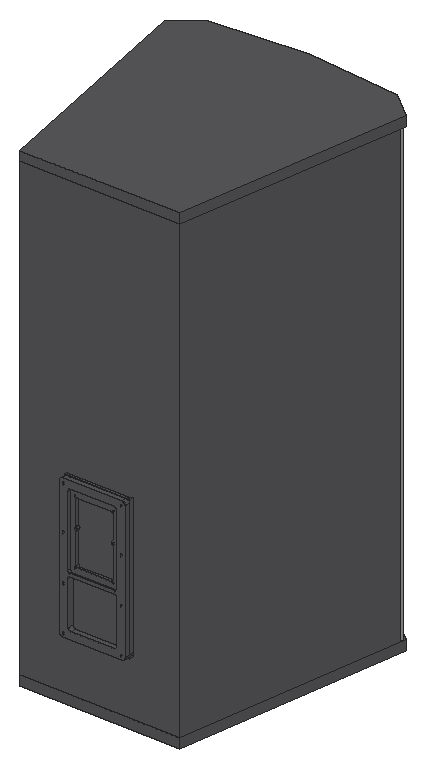
Revit family "EVC-1082-00", category Communication Devices, Revit 2017 (continued)
Definition of nested family "InputPanel_small"
  Lines and regions (mm)
    model lines, not visible
      curve 459: line (57.561, -9.5, 66.598) -> (57.428, -9.5, 66.472)
      curve 460: line (57.428, -9.5, 66.472) -> (57.427, -9.5, 67.687)
      curve 461: line (57.427, -9.5, 67.687) -> (57.561, -9.5, 67.561)
      curve 462: line (52.991, -9.5, 73.096) -> (55.108, -9.5, 73.096)
      curve 463: line (55.108, -9.5, 73.096) -> (55.108, -9.5, 73.673)
      curve 464: line (55.108, -9.5, 73.673) -> (52.991, -9.5, 73.672)
      curve 465: line (52.991, -9.5, 73.672) -> (52.991, -9.5, 73.096)
      curve 466: line (52.99, -9.5, 79.403) -> (52.99, -9.5, 79.98)
      curve 467: line (52.99, -9.5, 79.98) -> (55.107, -9.5, 79.98)
      curve 468: line (55.107, -9.5, 79.98) -> (55.107, -9.5, 79.404)
      curve 469: line (55.107, -9.5, 79.404) -> (52.99, -9.5, 79.403)
      curve 470: line (52.991, -9.5, 66.791) -> (52.991, -9.5, 67.367)
      curve 471: line (52.991, -9.5, 67.367) -> (55.109, -9.5, 67.367)
      curve 472: line (55.109, -9.5, 67.367) -> (55.109, -9.5, 66.791)
      curve 473: line (55.109, -9.5, 66.791) -> (52.991, -9.5, 66.791)
      curve 474: line (55.107, -9.5, 85.998) -> (52.989, -9.5, 85.997)
      curve 475: line (52.989, -9.5, 85.997) -> (52.989, -9.5, 85.709)
      curve 476: line (52.989, -9.5, 85.709) -> (55.107, -9.5, 85.709)
      curve 477: line (55.107, -9.5, 85.709) -> (55.107, -9.5, 85.998)
      curve 478: line (55.107, -9.5, 85.998) -> (55.798, -9.5, 85.998)
      curve 479: line (55.801, -9.5, 60.772) -> (55.11, -9.5, 60.772)
      curve 480: line (55.11, -9.5, 60.772) -> (55.11, -9.5, 61.06)
      curve 481: line (55.11, -9.5, 61.06) -> (52.992, -9.5, 61.06)
      curve 482: line (52.992, -9.5, 61.06) -> (52.992, -9.5, 60.772)
      curve 483: line (52.992, -9.5, 60.772) -> (55.11, -9.5, 60.772)
      curve 484: line (54.504, -9.5, 76.743) -> (56.298, -9.5, 74.554)
      curve 485: line (56.298, -9.5, 74.554) -> (55.807, -9.5, 74.222)
      curve 486: line (54.503, -9.5, 83.049) -> (56.297, -9.5, 80.86)
      curve 487: line (56.297, -9.5, 80.86) -> (55.806, -9.5, 80.528)
      curve 488: line (54.531, -9.5, 76.998) -> (56.131, -9.5, 75.046)
      curve 489: line (56.131, -9.5, 75.046) -> (56.7, -9.5, 75.046)
      curve 490: line (56.7, -9.5, 75.046) -> (54.662, -9.5, 77.533)
      curve 491: line (54.531, -9.5, 83.304) -> (56.13, -9.5, 81.352)
      curve 492: line (56.13, -9.5, 81.352) -> (56.699, -9.5, 81.352)
      curve 493: line (56.699, -9.5, 81.352) -> (54.661, -9.5, 83.839)
      curve 494: line (54.505, -9.5, 70.437) -> (56.298, -9.5, 68.248)
      curve 495: line (56.298, -9.5, 68.248) -> (55.807, -9.5, 67.915)
      curve 496: line (54.506, -9.5, 64.13) -> (56.299, -9.5, 61.942)
      curve 497: line (56.299, -9.5, 61.942) -> (55.808, -9.5, 61.609)
      curve 498: line (54.533, -9.5, 64.385) -> (56.132, -9.5, 62.433)
      curve 499: line (56.132, -9.5, 62.433) -> (56.702, -9.5, 62.433)
      curve 500: line (56.702, -9.5, 62.433) -> (54.664, -9.5, 64.92)
      curve 501: line (54.532, -9.5, 70.691) -> (56.131, -9.5, 68.739)
      curve 502: line (56.131, -9.5, 68.739) -> (56.701, -9.5, 68.739)
      curve 503: line (56.701, -9.5, 68.739) -> (54.663, -9.5, 71.227)
      curve 504: line (51.568, -9.5, 63.815) -> (51.568, -9.5, 60.772)
      curve 505: line (51.568, -9.5, 60.772) -> (46.145, -9.5, 60.771)
      curve 506: line (46.145, -9.5, 60.771) -> (46.141, -9.5, 85.996)
      curve 507: line (46.141, -9.5, 85.996) -> (51.565, -9.5, 85.997)
      curve 508: line (51.565, -9.5, 85.997) -> (52.989, -9.5, 85.997)
      curve 509: line (52.989, -9.5, 85.997) -> (49.876, -9.5, 86.125)
      curve 510: line (49.876, -9.5, 86.125) -> (49.754, -9.5, 86.302)
      curve 511: line (52.992, -9.5, 60.772) -> (51.568, -9.5, 60.772)
      curve 512: line (45.361, -9.5, 79.392) -> (45.362, -9.5, 73.88)
      curve 513: line (45.362, -9.5, 73.88) -> (41.147, -9.5, 73.88)
      curve 514: line (41.147, -9.5, 73.88) -> (41.146, -9.5, 79.392)
      curve 515: line (41.146, -9.5, 79.392) -> (45.361, -9.5, 79.392)
      curve 516: line (41.146, -9.5, 79.988) -> (41.145, -9.5, 85.499)
      curve 517: line (41.145, -9.5, 85.499) -> (45.36, -9.5, 85.5)
      curve 518: line (45.36, -9.5, 85.5) -> (45.361, -9.5, 79.988)
      curve 519: line (45.361, -9.5, 79.988) -> (41.146, -9.5, 79.988)
      curve 520: line (45.819, -9.5, 60.771) -> (45.816, -9.5, 85.996)
      curve 521: line (45.816, -9.5, 85.996) -> (40.689, -9.5, 85.996)
      curve 522: line (40.689, -9.5, 85.996) -> (40.692, -9.5, 60.771)
      curve 523: line (40.692, -9.5, 60.771) -> (45.819, -9.5, 60.771)
      curve 524: line (45.819, -9.5, 60.771) -> (46.145, -9.5, 60.771)
      curve 525: line (45.363, -9.5, 66.78) -> (45.363, -9.5, 61.268)
      curve 526: line (45.363, -9.5, 61.268) -> (41.148, -9.5, 61.267)
      curve 527: line (41.148, -9.5, 61.267) -> (41.147, -9.5, 66.779)
      curve 528: line (41.147, -9.5, 66.779) -> (45.363, -9.5, 66.78)
      curve 529: line (41.147, -9.5, 67.375) -> (41.147, -9.5, 72.887)
      curve 530: line (41.147, -9.5, 72.887) -> (45.362, -9.5, 72.887)
      curve 531: line (45.362, -9.5, 72.887) -> (45.363, -9.5, 67.375)
      curve 532: line (45.363, -9.5, 67.375) -> (41.147, -9.5, 67.375)
      curve 533: line (45.816, -9.5, 85.996) -> (46.141, -9.5, 85.996)
      curve 534: line (46.141, -9.5, 85.996) -> (42.88, -9.5, 86.124)
      curve 535: line (42.88, -9.5, 86.124) -> (42.758, -9.5, 86.301)
      curve 536: line (42.758, -9.5, 86.301) -> (45.891, -9.5, 86.301)
      curve 537: line (45.891, -9.5, 86.301) -> (46.013, -9.5, 86.124)
      curve 538: line (45.361, -9.5, 78.225) -> (43.953, -9.5, 78.225)
      curve 539: line (43.953, -9.5, 78.225) -> (43.627, -9.5, 78.913)
      curve 540: line (43.627, -9.5, 78.913) -> (43.242, -9.5, 79.392)
      curve 541: line (45.363, -9.5, 65.613) -> (43.954, -9.5, 65.612)
      curve 542: line (43.954, -9.5, 65.612) -> (43.629, -9.5, 66.3)
      curve 543: line (43.629, -9.5, 66.3) -> (43.244, -9.5, 66.779)
      curve 544: line (45.362, -9.5, 68.542) -> (43.954, -9.5, 68.542)
      curve 545: line (43.954, -9.5, 68.542) -> (43.629, -9.5, 67.854)
      curve 546: line (43.629, -9.5, 67.854) -> (43.244, -9.5, 67.375)
      curve 547: line (45.361, -9.5, 81.155) -> (43.952, -9.5, 81.155)
      curve 548: line (43.952, -9.5, 81.155) -> (43.627, -9.5, 80.467)
      curve 549: line (43.627, -9.5, 80.467) -> (43.242, -9.5, 79.988)
      curve 550: line (45.362, -9.5, 71.919) -> (43.954, -9.5, 71.919)
      curve 551: line (43.954, -9.5, 71.919) -> (43.628, -9.5, 72.607)
      curve 552: line (43.628, -9.5, 72.607) -> (43.403, -9.5, 72.887)
      curve 553: line (45.361, -9.5, 84.532) -> (43.952, -9.5, 84.531)
      curve 554: line (43.952, -9.5, 84.531) -> (43.627, -9.5, 85.219)
      curve 555: line (43.627, -9.5, 85.219) -> (43.401, -9.5, 85.5)
      curve 556: line (45.362, -9.5, 74.849) -> (43.953, -9.5, 74.848)
      curve 557: line (43.953, -9.5, 74.848) -> (43.628, -9.5, 74.16)
      curve 558: line (43.403, -9.5, 73.88) -> (43.628, -9.5, 74.16)
      curve 559: line (43.628, -9.5, 74.16) -> (43.627, -9.5, 78.913)
      curve 560: line (45.363, -9.5, 62.236) -> (43.955, -9.5, 62.236)
      curve 561: line (43.955, -9.5, 62.236) -> (43.629, -9.5, 61.548)
      curve 562: line (43.629, -9.5, 61.548) -> (43.629, -9.5, 66.3)
      curve 563: line (43.404, -9.5, 61.267) -> (43.629, -9.5, 61.548)
      curve 564: line (43.954, -9.5, 68.542) -> (43.954, -9.5, 71.919)
      curve 565: line (43.952, -9.5, 81.155) -> (43.952, -9.5, 84.531)
      curve 566: line (43.954, -9.5, 65.612) -> (43.955, -9.5, 62.236)
      curve 567: line (43.953, -9.5, 78.225) -> (43.953, -9.5, 74.848)
      curve 568: line (45.891, -9.5, 86.301) -> (45.891, -9.5, 86.563)
      curve 569: line (45.891, -9.5, 86.563) -> (42.758, -9.5, 86.562)
      curve 570: line (42.758, -9.5, 86.562) -> (42.758, -9.5, 86.301)
      curve 571: line (45.891, -9.5, 86.563) -> (46.472, -9.5, 86.563)
      curve 572: line (46.472, -9.5, 86.563) -> (46.472, -9.5, 86.301)
      curve 573: line (46.472, -9.5, 86.301) -> (46.35, -9.5, 86.124)
      curve 574: line (42.244, -9.5, 79.988) -> (42.243, -9.5, 85.499)
      curve 575: line (42.246, -9.5, 67.375) -> (42.245, -9.5, 72.887)
      curve 576: line (42.246, -9.5, 61.267) -> (42.246, -9.5, 66.779)
      curve 577: line (42.245, -9.5, 73.88) -> (42.244, -9.5, 79.392)
      curve 578: line (43.629, -9.5, 67.854) -> (43.628, -9.5, 72.607)
      curve 579: line (43.627, -9.5, 80.467) -> (43.627, -9.5, 85.219)
      curve 580: line (52.887, -9.5, 86.302) -> (53.009, -9.5, 86.125)
      curve 581: line (52.887, -9.5, 86.563) -> (52.887, -9.5, 86.302)
      curve 582: line (52.887, -9.5, 86.302) -> (49.754, -9.5, 86.302)
      curve 583: line (49.754, -9.5, 86.302) -> (49.754, -9.5, 86.563)
      curve 584: line (49.754, -9.5, 86.563) -> (52.887, -9.5, 86.563)
      curve 585: line (52.887, -9.5, 86.563) -> (53.468, -9.5, 86.563)
      curve 586: line (53.468, -9.5, 86.563) -> (53.468, -9.5, 86.302)
      curve 587: line (53.468, -9.5, 86.302) -> (53.346, -9.5, 86.125)
      curve 588: line (78.97, -9.5, 60.972) -> (78.967, -9.5, 85.803)
      curve 589: line (78.912, -9.5, 85.748) -> (78.915, -9.5, 61.027)
      curve 590: line (77.958, -9.5, 86.812) -> (40.515, -9.5, 86.808)
      curve 591: line (40.57, -9.5, 86.753) -> (77.903, -9.5, 86.757)
      curve 592: line (39.506, -9.5, 85.799) -> (39.509, -9.5, 60.968)
      curve 593: line (39.509, -9.5, 60.97) -> (39.561, -9.5, 85.744)
      curve 594: line (40.518, -9.5, 59.959) -> (77.962, -9.5, 59.963)
      curve 595: line (77.907, -9.5, 60.018) -> (40.573, -9.5, 60.014)
      curve 596: line (61.368, -9.5, 70.233) -> (59.749, -9.5, 70.232)
      curve 597: line (59.749, -9.5, 70.232) -> (59.415, -9.5, 70.232)
      curve 598: line (61.369, -9.5, 63.926) -> (59.75, -9.5, 63.926)
      curve 599: line (59.75, -9.5, 63.926) -> (59.417, -9.5, 63.926)
      curve 600: line (61.367, -9.5, 76.539) -> (59.748, -9.5, 76.539)
      curve 601: line (59.748, -9.5, 76.539) -> (59.415, -9.5, 76.539)
      curve 602: line (61.367, -9.5, 82.845) -> (59.747, -9.5, 82.845)
      curve 603: line (59.747, -9.5, 82.845) -> (59.414, -9.5, 82.845)
      curve 604: line (57.109, -9.5, 76.538) -> (58.728, -9.5, 76.539)
      curve 605: line (58.728, -9.5, 76.539) -> (59.062, -9.5, 76.539)
      curve 606: line (57.108, -9.5, 82.845) -> (58.727, -9.5, 82.845)
      curve 607: line (58.727, -9.5, 82.845) -> (59.06, -9.5, 82.845)
      curve 608: line (57.109, -9.5, 70.232) -> (58.729, -9.5, 70.232)
      curve 609: line (58.729, -9.5, 70.232) -> (59.062, -9.5, 70.232)
      curve 610: line (57.11, -9.5, 63.926) -> (58.729, -9.5, 63.926)
      curve 611: line (58.729, -9.5, 63.926) -> (59.063, -9.5, 63.926)
    model lines
      curve 612: arc (-30.696, -4.337, 30.291) -> (-31.037, -4.337, 28.695) -> (-32.139, -4.337, 27.491) r 3.109
      curve 613: arc (-30.695, -4.337, 42.904) -> (-31.035, -4.337, 41.308) -> (-32.138, -4.337, 40.104) r 3.109
      curve 614: arc (-30.698, -4.337, 23.985) -> (-31.033, -4.337, 22.399) -> (-32.121, -4.337, 21.198) r 3.108
      curve 615: arc (-30.696, -4.337, 36.598) -> (-31.031, -4.337, 35.012) -> (-32.119, -4.337, 33.811) r 3.108
      curve 616: arc (-31.992, -4.337, 33.004) -> (-31.001, -4.337, 31.812) -> (-30.695, -4.337, 30.291) r 3.166
      curve 617: arc (-31.991, -4.337, 45.616) -> (-30.999, -4.337, 44.424) -> (-30.693, -4.337, 42.904) r 3.166
      curve 618: arc (-31.993, -4.337, 26.696) -> (-31.002, -4.337, 25.504) -> (-30.696, -4.337, 23.985) r 3.165
      curve 619: arc (-31.991, -4.337, 39.309) -> (-31.001, -4.337, 38.117) -> (-30.695, -4.337, 36.598) r 3.165
      curve 620: arc (-30.343, -4.337, 36.598) -> (-30.002, -4.337, 38.194) -> (-28.9, -4.337, 39.398) r 3.109
      curve 621: arc (-30.344, -4.337, 23.985) -> (-30.004, -4.337, 25.581) -> (-28.901, -4.337, 26.785) r 3.109
      curve 622: arc (-30.341, -4.337, 42.904) -> (-30.006, -4.337, 44.49) -> (-28.918, -4.337, 45.691) r 3.108
      curve 623: arc (-30.343, -4.337, 30.291) -> (-30.007, -4.337, 31.877) -> (-28.92, -4.337, 33.078) r 3.108
      curve 624: arc (-29.046, -4.337, 33.885) -> (-30.038, -4.337, 35.077) -> (-30.344, -4.337, 36.598) r 3.166
      curve 625: arc (-29.048, -4.337, 21.273) -> (-30.039, -4.337, 22.465) -> (-30.346, -4.337, 23.985) r 3.166
      curve 626: arc (-29.046, -4.337, 40.193) -> (-30.037, -4.337, 41.385) -> (-30.343, -4.337, 42.904) r 3.165
      curve 627: arc (-29.048, -4.337, 27.58) -> (-30.038, -4.337, 28.772) -> (-30.344, -4.337, 30.291) r 3.165
      curve 628: arc (-33.959, -4.337, 27.746) -> (-35.033, -4.337, 28.816) -> (-35.384, -4.337, 30.292) r 2.775
      curve 629: arc (-34.651, -4.337, 27.426) -> (-35.725, -4.337, 28.679) -> (-36.075, -4.337, 30.292) r 3.371
      curve 630: arc (-33.959, -4.337, 27.746) -> (-34.28, -4.337, 27.533) -> (-34.651, -4.337, 27.426) r 1.273
      curve 631: arc (-33.957, -4.337, 40.358) -> (-35.031, -4.337, 41.429) -> (-35.382, -4.337, 42.905) r 2.775
      curve 632: arc (-34.649, -4.337, 40.039) -> (-35.723, -4.337, 41.292) -> (-36.074, -4.337, 42.905) r 3.371
      curve 633: arc (-33.957, -4.337, 40.358) -> (-34.279, -4.337, 40.146) -> (-34.649, -4.337, 40.039) r 1.273
      curve 634: arc (-33.96, -4.337, 21.44) -> (-35.033, -4.337, 22.511) -> (-35.384, -4.337, 23.986) r 2.774
      curve 635: arc (-34.651, -4.337, 21.121) -> (-35.725, -4.337, 22.374) -> (-36.075, -4.337, 23.986) r 3.37
      curve 636: arc (-33.96, -4.337, 21.44) -> (-34.281, -4.337, 21.228) -> (-34.651, -4.337, 21.121) r 1.273
      curve 637: arc (-33.958, -4.337, 34.053) -> (-35.032, -4.337, 35.123) -> (-35.382, -4.337, 36.598) r 2.774
      curve 638: arc (-34.65, -4.337, 33.734) -> (-35.723, -4.337, 34.986) -> (-36.074, -4.337, 36.598) r 3.37
      curve 639: arc (-33.958, -4.337, 34.053) -> (-34.28, -4.337, 33.84) -> (-34.65, -4.337, 33.734) r 1.273
      curve 640: arc (-35.384, -4.337, 30.292) -> (-35.033, -4.337, 31.767) -> (-33.958, -4.337, 32.838) r 2.775
      curve 641: arc (-34.65, -4.337, 33.157) -> (-34.28, -4.337, 33.051) -> (-33.958, -4.337, 32.838) r 1.273
      curve 642: arc (-36.075, -4.337, 30.292) -> (-35.724, -4.337, 31.905) -> (-34.65, -4.337, 33.157) r 3.371
      curve 643: arc (-35.382, -4.337, 42.905) -> (-35.031, -4.337, 44.38) -> (-33.957, -4.337, 45.451) r 2.775
      curve 644: arc (-34.648, -4.337, 45.77) -> (-34.278, -4.337, 45.663) -> (-33.957, -4.337, 45.451) r 1.273
      curve 645: arc (-36.074, -4.337, 42.905) -> (-35.723, -4.337, 44.517) -> (-34.648, -4.337, 45.77) r 3.371
      curve 646: arc (-35.384, -4.337, 23.986) -> (-35.033, -4.337, 25.461) -> (-33.959, -4.337, 26.531) r 2.774
      curve 647: arc (-34.651, -4.337, 26.85) -> (-34.28, -4.337, 26.743) -> (-33.959, -4.337, 26.531) r 1.273
      curve 648: arc (-36.075, -4.337, 23.986) -> (-35.725, -4.337, 25.598) -> (-34.651, -4.337, 26.85) r 3.37
      curve 649: arc (-35.382, -4.337, 36.598) -> (-35.031, -4.337, 38.073) -> (-33.958, -4.337, 39.143) r 2.774
      curve 650: arc (-34.649, -4.337, 39.463) -> (-34.279, -4.337, 39.356) -> (-33.958, -4.337, 39.143) r 1.273
      curve 651: arc (-36.074, -4.337, 36.598) -> (-35.723, -4.337, 38.21) -> (-34.649, -4.337, 39.463) r 3.37
      curve 652: arc (-30.908, -4.337, 23.985) -> (-31.259, -4.337, 22.51) -> (-32.333, -4.337, 21.44) r 2.774
      curve 653: arc (-32.332, -4.337, 26.53) -> (-31.258, -4.337, 25.46) -> (-30.908, -4.337, 23.985) r 2.774
      curve 654: arc (-30.906, -4.337, 30.291) -> (-31.258, -4.337, 28.816) -> (-32.332, -4.337, 27.745) r 2.775
      curve 655: arc (-32.331, -4.337, 32.838) -> (-31.257, -4.337, 31.767) -> (-30.906, -4.337, 30.291) r 2.775
      curve 656: arc (-30.906, -4.337, 36.598) -> (-31.257, -4.337, 35.123) -> (-32.331, -4.337, 34.053) r 2.774
      curve 657: arc (-32.33, -4.337, 39.143) -> (-31.257, -4.337, 38.073) -> (-30.906, -4.337, 36.598) r 2.774
      curve 658: arc (-30.905, -4.337, 42.904) -> (-31.256, -4.337, 41.429) -> (-32.33, -4.337, 40.358) r 2.775
      curve 659: arc (-32.33, -4.337, 45.45) -> (-31.256, -4.337, 44.38) -> (-30.905, -4.337, 42.904) r 2.775
      curve 660: arc (-36.768, -4.337, 27.427) -> (-37.818, -4.337, 28.63) -> (-38.191, -4.337, 30.182) r 3.348
      curve 661: arc (-36.766, -4.337, 40.039) -> (-37.816, -4.337, 41.242) -> (-38.19, -4.337, 42.794) r 3.348
      curve 662: arc (-38.191, -4.337, 30.403) -> (-37.817, -4.337, 31.955) -> (-36.767, -4.337, 33.158) r 3.348
      curve 663: arc (-38.19, -4.337, 43.015) -> (-37.816, -4.337, 44.568) -> (-36.766, -4.337, 45.77) r 3.348
      curve 664: arc (-36.769, -4.337, 21.121) -> (-37.825, -4.337, 22.337) -> (-38.192, -4.337, 23.905) r 3.353
      curve 665: arc (-36.767, -4.337, 33.734) -> (-37.823, -4.337, 34.95) -> (-38.191, -4.337, 36.517) r 3.353
      curve 666: arc (-38.192, -4.337, 24.067) -> (-37.824, -4.337, 25.635) -> (-36.768, -4.337, 26.85) r 3.353
      curve 667: arc (-38.191, -4.337, 36.68) -> (-37.823, -4.337, 38.248) -> (-36.767, -4.337, 39.463) r 3.353
      curve 668: arc (-32.649, -4.337, 30.292) -> (-32.982, -4.337, 28.919) -> (-34.009, -4.337, 27.951) r 2.482
      curve 669: arc (-32.65, -4.337, 23.985) -> (-32.983, -4.337, 22.613) -> (-34.01, -4.337, 21.644) r 2.482
      curve 670: arc (-33.058, -4.337, 25.478) -> (-32.751, -4.337, 24.76) -> (-32.65, -4.337, 23.985) r 2.857
      curve 671: arc (-33.734, -4.337, 25.636) -> (-33.68, -4.337, 25.558) -> (-33.628, -4.337, 25.478) r 2.446
      curve 672: arc (-33.058, -4.337, 31.784) -> (-32.75, -4.337, 31.066) -> (-32.649, -4.337, 30.292) r 2.857
      curve 673: arc (-33.733, -4.337, 31.942) -> (-33.679, -4.337, 31.864) -> (-33.627, -4.337, 31.784) r 2.446
      curve 674: arc (-32.649, -4.337, 36.598) -> (-32.981, -4.337, 35.226) -> (-34.008, -4.337, 34.257) r 2.482
      curve 675: arc (-32.648, -4.337, 42.904) -> (-32.98, -4.337, 41.532) -> (-34.008, -4.337, 40.563) r 2.482
      curve 676: arc (-33.057, -4.337, 38.091) -> (-32.75, -4.337, 37.372) -> (-32.649, -4.337, 36.598) r 2.857
      curve 677: arc (-33.733, -4.337, 38.249) -> (-33.678, -4.337, 38.171) -> (-33.626, -4.337, 38.091) r 2.446
      curve 678: arc (-33.056, -4.337, 44.397) -> (-32.749, -4.337, 43.679) -> (-32.648, -4.337, 42.904) r 2.857
      curve 679: arc (-33.732, -4.337, 44.555) -> (-33.677, -4.337, 44.477) -> (-33.626, -4.337, 44.397) r 2.446
      curve 680: arc (-27.08, -4.337, 39.143) -> (-26.006, -4.337, 38.073) -> (-25.655, -4.337, 36.597) r 2.775
      curve 681: arc (-26.388, -4.337, 39.463) -> (-25.314, -4.337, 38.21) -> (-24.964, -4.337, 36.597) r 3.371
      curve 682: arc (-27.08, -4.337, 39.143) -> (-26.759, -4.337, 39.356) -> (-26.388, -4.337, 39.463) r 1.273
      curve 683: arc (-27.082, -4.337, 26.531) -> (-26.007, -4.337, 25.46) -> (-25.657, -4.337, 23.984) r 2.775
      curve 684: arc (-26.39, -4.337, 26.85) -> (-25.316, -4.337, 25.597) -> (-24.965, -4.337, 23.984) r 3.371
      curve 685: arc (-27.082, -4.337, 26.531) -> (-26.76, -4.337, 26.743) -> (-26.39, -4.337, 26.85) r 1.273
      curve 686: arc (-27.079, -4.337, 45.449) -> (-26.006, -4.337, 44.378) -> (-25.655, -4.337, 42.903) r 2.774
      curve 687: arc (-26.388, -4.337, 45.768) -> (-25.314, -4.337, 44.515) -> (-24.963, -4.337, 42.903) r 3.37
      curve 688: arc (-27.079, -4.337, 45.449) -> (-26.758, -4.337, 45.661) -> (-26.388, -4.337, 45.768) r 1.273
      curve 689: arc (-27.081, -4.337, 32.836) -> (-26.007, -4.337, 31.766) -> (-25.657, -4.337, 30.291) r 2.774
      curve 690: arc (-26.389, -4.337, 33.155) -> (-25.315, -4.337, 31.903) -> (-24.965, -4.337, 30.291) r 3.37
      curve 691: arc (-27.081, -4.337, 32.836) -> (-26.759, -4.337, 33.049) -> (-26.389, -4.337, 33.155) r 1.273
      curve 692: arc (-25.655, -4.337, 36.597) -> (-26.006, -4.337, 35.122) -> (-27.081, -4.337, 34.051) r 2.775
      curve 693: arc (-26.389, -4.337, 33.732) -> (-26.759, -4.337, 33.838) -> (-27.081, -4.337, 34.051) r 1.273
      curve 694: arc (-24.964, -4.337, 36.597) -> (-25.315, -4.337, 34.984) -> (-26.389, -4.337, 33.732) r 3.371
      curve 695: arc (-25.657, -4.337, 23.984) -> (-26.008, -4.337, 22.509) -> (-27.082, -4.337, 21.438) r 2.775
      curve 696: arc (-26.391, -4.337, 21.119) -> (-26.761, -4.337, 21.226) -> (-27.082, -4.337, 21.438) r 1.273
      curve 697: arc (-24.965, -4.337, 23.984) -> (-25.316, -4.337, 22.372) -> (-26.391, -4.337, 21.119) r 3.371
      curve 698: arc (-25.655, -4.337, 42.903) -> (-26.006, -4.337, 41.429) -> (-27.08, -4.337, 40.358) r 2.774
      curve 699: arc (-26.388, -4.337, 40.039) -> (-26.759, -4.337, 40.146) -> (-27.08, -4.337, 40.358) r 1.273
      curve 700: arc (-24.963, -4.337, 42.903) -> (-25.314, -4.337, 41.291) -> (-26.388, -4.337, 40.039) r 3.37
      curve 701: arc (-25.657, -4.337, 30.291) -> (-26.008, -4.337, 28.816) -> (-27.081, -4.337, 27.746) r 2.774
      curve 702: arc (-26.39, -4.337, 27.426) -> (-26.76, -4.337, 27.533) -> (-27.081, -4.337, 27.746) r 1.273
      curve 703: arc (-24.965, -4.337, 30.291) -> (-25.316, -4.337, 28.679) -> (-26.39, -4.337, 27.426) r 3.37
      curve 704: arc (-30.131, -4.337, 42.904) -> (-29.78, -4.337, 44.379) -> (-28.706, -4.337, 45.449) r 2.774
      curve 705: arc (-28.707, -4.337, 40.359) -> (-29.78, -4.337, 41.429) -> (-30.131, -4.337, 42.904) r 2.774
      curve 706: arc (-30.133, -4.337, 36.598) -> (-29.781, -4.337, 38.073) -> (-28.707, -4.337, 39.144) r 2.775
      curve 707: arc (-28.708, -4.337, 34.051) -> (-29.782, -4.337, 35.122) -> (-30.133, -4.337, 36.598) r 2.775
      curve 708: arc (-30.133, -4.337, 30.291) -> (-29.782, -4.337, 31.766) -> (-28.708, -4.337, 32.836) r 2.774
      curve 709: arc (-28.708, -4.337, 27.746) -> (-29.782, -4.337, 28.816) -> (-30.133, -4.337, 30.291) r 2.774
      curve 710: arc (-30.134, -4.337, 23.985) -> (-29.783, -4.337, 25.46) -> (-28.709, -4.337, 26.531) r 2.775
      curve 711: arc (-28.709, -4.337, 21.439) -> (-29.783, -4.337, 22.509) -> (-30.134, -4.337, 23.985) r 2.775
      curve 712: arc (-24.271, -4.337, 39.462) -> (-23.221, -4.337, 38.26) -> (-22.848, -4.337, 36.707) r 3.348
      curve 713: arc (-24.272, -4.337, 26.85) -> (-23.223, -4.337, 25.647) -> (-22.849, -4.337, 24.095) r 3.348
      curve 714: arc (-22.848, -4.337, 36.486) -> (-23.222, -4.337, 34.934) -> (-24.272, -4.337, 33.731) r 3.348
      curve 715: arc (-22.849, -4.337, 23.874) -> (-23.223, -4.337, 22.321) -> (-24.273, -4.337, 21.119) r 3.348
      curve 716: arc (-24.27, -4.337, 45.768) -> (-23.214, -4.337, 44.552) -> (-22.847, -4.337, 42.984) r 3.353
      curve 717: arc (-24.272, -4.337, 33.155) -> (-23.216, -4.337, 31.939) -> (-22.848, -4.337, 30.372) r 3.353
      curve 718: arc (-22.847, -4.337, 42.822) -> (-23.215, -4.337, 41.254) -> (-24.271, -4.337, 40.039) r 3.353
      curve 719: arc (-22.848, -4.337, 30.209) -> (-23.216, -4.337, 28.641) -> (-24.272, -4.337, 27.426) r 3.353
      curve 720: arc (-28.389, -4.337, 42.904) -> (-28.056, -4.337, 44.276) -> (-27.029, -4.337, 45.245) r 2.482
      curve 721: arc (-28.39, -4.337, 36.597) -> (-28.057, -4.337, 37.97) -> (-27.03, -4.337, 38.938) r 2.482
      curve 722: arc (-27.981, -4.337, 35.105) -> (-28.288, -4.337, 35.823) -> (-28.39, -4.337, 36.597) r 2.857
      curve 723: arc (-27.306, -4.337, 34.947) -> (-27.36, -4.337, 35.025) -> (-27.412, -4.337, 35.105) r 2.446
      curve 724: arc (-27.981, -4.337, 41.411) -> (-28.288, -4.337, 42.129) -> (-28.389, -4.337, 42.904) r 2.857
      curve 725: arc (-27.305, -4.337, 41.253) -> (-27.359, -4.337, 41.331) -> (-27.411, -4.337, 41.411) r 2.446
      curve 726: arc (-28.39, -4.337, 30.291) -> (-28.058, -4.337, 31.663) -> (-27.031, -4.337, 32.632) r 2.482
      curve 727: arc (-28.391, -4.337, 23.985) -> (-28.058, -4.337, 25.357) -> (-27.031, -4.337, 26.326) r 2.482
      curve 728: arc (-27.983, -4.337, 22.492) -> (-28.29, -4.337, 23.21) -> (-28.391, -4.337, 23.985) r 2.857
      curve 729: arc (-27.307, -4.337, 22.334) -> (-27.362, -4.337, 22.412) -> (-27.413, -4.337, 22.492) r 2.446
      curve 730: arc (-27.982, -4.337, 28.799) -> (-28.289, -4.337, 29.517) -> (-28.39, -4.337, 30.291) r 2.857
      curve 731: arc (-27.306, -4.337, 28.64) -> (-27.361, -4.337, 28.718) -> (-27.412, -4.337, 28.798) r 2.446
      curve 732: spline (-49.243, -4.337, 20.022) -> (-49.374, -4.337, 20.031) -> (-49.504, -4.337, 20.057) -> (-49.629, -4.337, 20.099) -> (-49.747, -4.337, 20.158) -> (-49.857, -4.337, 20.231) -> (-49.956, -4.337, 20.318) -> (-50.043, -4.337, 20.417) -> (-50.116, -4.337, 20.527) -> (-50.175, -4.337, 20.645) -> (-50.217, -4.337, 20.77) -> (-50.243, -4.337, 20.9) -> (-50.251, -4.337, 21.031)
      curve 733: spline (-50.248, -4.337, 45.862) -> (-50.24, -4.337, 45.994) -> (-50.214, -4.337, 46.124) -> (-50.172, -4.337, 46.249) -> (-50.113, -4.337, 46.367) -> (-50.04, -4.337, 46.477) -> (-49.953, -4.337, 46.576) -> (-49.854, -4.337, 46.663) -> (-49.744, -4.337, 46.736) -> (-49.626, -4.337, 46.794) -> (-49.501, -4.337, 46.837) -> (-49.371, -4.337, 46.863) -> (-49.239, -4.337, 46.871)
      curve 734: spline (-11.796, -4.337, 46.867) -> (-11.664, -4.337, 46.858) -> (-11.535, -4.337, 46.832) -> (-11.41, -4.337, 46.79) -> (-11.291, -4.337, 46.731) -> (-11.182, -4.337, 46.658) -> (-11.082, -4.337, 46.571) -> (-10.995, -4.337, 46.472) -> (-10.922, -4.337, 46.362) -> (-10.864, -4.337, 46.244) -> (-10.821, -4.337, 46.119) -> (-10.796, -4.337, 45.989) -> (-10.787, -4.337, 45.858)
      curve 735: spline (-10.79, -4.337, 21.029) -> (-10.798, -4.337, 20.897) -> (-10.824, -4.337, 20.767) -> (-10.866, -4.337, 20.642) -> (-10.925, -4.337, 20.523) -> (-10.998, -4.337, 20.413) -> (-11.085, -4.337, 20.314) -> (-11.184, -4.337, 20.227) -> (-11.294, -4.337, 20.153) -> (-11.412, -4.337, 20.095) -> (-11.538, -4.337, 20.052) -> (-11.667, -4.337, 20.026) -> (-11.799, -4.337, 20.018)
      curve 736: spline (-11.851, -4.337, 46.812) -> (-11.719, -4.337, 46.803) -> (-11.59, -4.337, 46.777) -> (-11.465, -4.337, 46.735) -> (-11.346, -4.337, 46.676) -> (-11.237, -4.337, 46.603) -> (-11.137, -4.337, 46.516) -> (-11.05, -4.337, 46.417) -> (-10.977, -4.337, 46.307) -> (-10.919, -4.337, 46.189) -> (-10.876, -4.337, 46.064) -> (-10.851, -4.337, 45.934) -> (-10.842, -4.337, 45.803)
      curve 737: spline (-10.845, -4.337, 21.082) -> (-10.854, -4.337, 20.95) -> (-10.879, -4.337, 20.82) -> (-10.922, -4.337, 20.696) -> (-10.98, -4.337, 20.577) -> (-11.054, -4.337, 20.467) -> (-11.141, -4.337, 20.368) -> (-11.24, -4.337, 20.281) -> (-11.35, -4.337, 20.208) -> (-11.468, -4.337, 20.15) -> (-11.593, -4.337, 20.107) -> (-11.722, -4.337, 20.081) -> (-11.854, -4.337, 20.073)
      curve 738: spline (-50.193, -4.337, 45.807) -> (-50.185, -4.337, 45.939) -> (-50.159, -4.337, 46.069) -> (-50.117, -4.337, 46.194) -> (-50.058, -4.337, 46.312) -> (-49.985, -4.337, 46.422) -> (-49.898, -4.337, 46.521) -> (-49.799, -4.337, 46.608) -> (-49.689, -4.337, 46.681) -> (-49.571, -4.337, 46.739) -> (-49.446, -4.337, 46.782) -> (-49.316, -4.337, 46.808) -> (-49.184, -4.337, 46.816)
      curve 739: spline (-49.188, -4.337, 20.077) -> (-49.319, -4.337, 20.086) -> (-49.449, -4.337, 20.112) -> (-49.574, -4.337, 20.154) -> (-49.692, -4.337, 20.213) -> (-49.802, -4.337, 20.286) -> (-49.901, -4.337, 20.373) -> (-49.988, -4.337, 20.472) -> (-50.061, -4.337, 20.582) -> (-50.12, -4.337, 20.7) -> (-50.162, -4.337, 20.825) -> (-50.188, -4.337, 20.955) -> (-50.196, -4.337, 21.086)
      curve 740: line (-35.26, -4.337, 30.292) -> (-35.099, -4.337, 31.28)
      curve 741: line (-35.099, -4.337, 31.28) -> (-34.641, -4.337, 32.118)
      curve 742: line (-34.641, -4.337, 32.118) -> (-33.954, -4.337, 32.677)
      curve 743: line (-33.954, -4.337, 32.677) -> (-33.145, -4.337, 32.874)
      curve 744: line (-33.145, -4.337, 32.874) -> (-32.335, -4.337, 32.677)
      curve 745: line (-32.335, -4.337, 32.677) -> (-31.649, -4.337, 32.117)
      curve 746: line (-31.649, -4.337, 32.117) -> (-31.191, -4.337, 31.28)
      curve 747: line (-31.191, -4.337, 31.28) -> (-31.03, -4.337, 30.291)
      curve 748: line (-31.03, -4.337, 30.291) -> (-31.191, -4.337, 29.303)
      curve 749: line (-31.191, -4.337, 29.303) -> (-31.65, -4.337, 28.466)
      curve 750: line (-31.65, -4.337, 28.466) -> (-32.336, -4.337, 27.906)
      curve 751: line (-32.336, -4.337, 27.906) -> (-33.145, -4.337, 27.71)
      curve 752: line (-33.145, -4.337, 27.71) -> (-33.955, -4.337, 27.906)
      curve 753: line (-33.955, -4.337, 27.906) -> (-34.641, -4.337, 28.466)
      curve 754: line (-34.641, -4.337, 28.466) -> (-35.096, -4.337, 29.297)
      curve 755: line (-35.099, -4.337, 29.304) -> (-35.384, -4.337, 30.292)
      curve 756: line (-35.384, -4.337, 30.292) -> (-36.075, -4.337, 30.292)
      curve 757: line (-36.075, -4.337, 30.292) -> (-38.193, -4.337, 30.292)
      curve 758: line (-38.193, -4.337, 30.292) -> (-38.192, -4.337, 24.067)
      curve 759: line (-35.259, -4.337, 42.905) -> (-35.098, -4.337, 43.893)
      curve 760: line (-35.098, -4.337, 43.893) -> (-34.639, -4.337, 44.73)
      curve 761: line (-34.639, -4.337, 44.73) -> (-33.953, -4.337, 45.29)
      curve 762: line (-33.953, -4.337, 45.29) -> (-33.143, -4.337, 45.486)
      curve 763: line (-33.143, -4.337, 45.486) -> (-32.334, -4.337, 45.29)
      curve 764: line (-32.334, -4.337, 45.29) -> (-31.648, -4.337, 44.73)
      curve 765: line (-31.648, -4.337, 44.73) -> (-31.189, -4.337, 43.892)
      curve 766: line (-31.189, -4.337, 43.892) -> (-31.028, -4.337, 42.904)
      curve 767: line (-31.028, -4.337, 42.904) -> (-31.19, -4.337, 41.916)
      curve 768: line (-31.19, -4.337, 41.916) -> (-31.648, -4.337, 41.078)
      curve 769: line (-31.648, -4.337, 41.078) -> (-32.334, -4.337, 40.519)
      curve 770: line (-32.334, -4.337, 40.519) -> (-33.144, -4.337, 40.322)
      curve 771: line (-33.144, -4.337, 40.322) -> (-33.953, -4.337, 40.519)
      curve 772: line (-33.953, -4.337, 40.519) -> (-34.639, -4.337, 41.079)
      curve 773: line (-34.639, -4.337, 41.079) -> (-35.094, -4.337, 41.91)
      curve 774: line (-35.098, -4.337, 41.916) -> (-35.382, -4.337, 42.905)
      curve 775: line (-35.382, -4.337, 42.905) -> (-36.074, -4.337, 42.905)
      curve 776: line (-36.074, -4.337, 42.905) -> (-38.191, -4.337, 42.905)
      curve 777: line (-38.191, -4.337, 42.905) -> (-38.191, -4.337, 36.68)
      curve 778: line (-35.261, -4.337, 23.986) -> (-35.1, -4.337, 24.974)
      curve 779: line (-35.1, -4.337, 24.974) -> (-34.641, -4.337, 25.811)
      curve 780: line (-34.641, -4.337, 25.811) -> (-33.955, -4.337, 26.371)
      curve 781: line (-33.955, -4.337, 26.371) -> (-33.146, -4.337, 26.567)
      curve 782: line (-33.146, -4.337, 26.567) -> (-32.336, -4.337, 26.371)
      curve 783: line (-32.336, -4.337, 26.371) -> (-31.65, -4.337, 25.811)
      curve 784: line (-31.65, -4.337, 25.811) -> (-31.192, -4.337, 24.973)
      curve 785: line (-31.192, -4.337, 24.973) -> (-31.031, -4.337, 23.985)
      curve 786: line (-31.031, -4.337, 23.985) -> (-31.192, -4.337, 22.997)
      curve 787: line (-31.192, -4.337, 22.997) -> (-31.65, -4.337, 22.159)
      curve 788: line (-31.65, -4.337, 22.159) -> (-32.337, -4.337, 21.6)
      curve 789: line (-32.337, -4.337, 21.6) -> (-33.146, -4.337, 21.403)
      curve 790: line (-33.146, -4.337, 21.403) -> (-33.956, -4.337, 21.6)
      curve 791: line (-33.956, -4.337, 21.6) -> (-34.642, -4.337, 22.16)
      curve 792: line (-34.642, -4.337, 22.16) -> (-35.096, -4.337, 22.991)
      curve 793: line (-35.1, -4.337, 22.997) -> (-35.384, -4.337, 23.986)
      curve 794: line (-35.384, -4.337, 23.986) -> (-36.075, -4.337, 23.986)
      curve 795: line (-36.075, -4.337, 23.986) -> (-38.193, -4.337, 23.986)
      curve 796: line (-38.193, -4.337, 23.986) -> (-38.192, -4.337, 20.833)
      curve 797: line (-38.192, -4.337, 20.833) -> (-36.769, -4.337, 20.833)
      curve 798: line (-36.769, -4.337, 20.833) -> (-39.881, -4.337, 20.705)
      curve 799: line (-39.881, -4.337, 20.705) -> (-40.003, -4.337, 20.528)
      curve 800: line (-40.003, -4.337, 20.528) -> (-36.871, -4.337, 20.528)
      curve 801: line (-36.871, -4.337, 20.528) -> (-36.749, -4.337, 20.705)
      curve 802: line (-35.259, -4.337, 36.598) -> (-35.098, -4.337, 37.586)
      curve 803: line (-35.098, -4.337, 37.586) -> (-34.64, -4.337, 38.424)
      curve 804: line (-34.64, -4.337, 38.424) -> (-33.953, -4.337, 38.984)
      curve 805: line (-33.953, -4.337, 38.984) -> (-33.144, -4.337, 39.18)
      curve 806: line (-33.144, -4.337, 39.18) -> (-32.335, -4.337, 38.983)
      curve 807: line (-32.335, -4.337, 38.983) -> (-31.648, -4.337, 38.424)
      curve 808: line (-31.648, -4.337, 38.424) -> (-31.19, -4.337, 37.586)
      curve 809: line (-31.19, -4.337, 37.586) -> (-31.029, -4.337, 36.598)
      curve 810: line (-31.029, -4.337, 36.598) -> (-31.19, -4.337, 35.61)
      curve 811: line (-31.19, -4.337, 35.61) -> (-31.649, -4.337, 34.772)
      curve 812: line (-31.649, -4.337, 34.772) -> (-32.335, -4.337, 34.212)
      curve 813: line (-32.335, -4.337, 34.212) -> (-33.145, -4.337, 34.016)
      curve 814: line (-33.145, -4.337, 34.016) -> (-33.954, -4.337, 34.213)
      curve 815: line (-33.954, -4.337, 34.213) -> (-34.64, -4.337, 34.772)
      curve 816: line (-34.64, -4.337, 34.772) -> (-35.095, -4.337, 35.603)
      curve 817: line (-35.099, -4.337, 35.61) -> (-35.382, -4.337, 36.598)
      curve 818: line (-35.382, -4.337, 36.598) -> (-36.074, -4.337, 36.598)
      curve 819: line (-36.074, -4.337, 36.598) -> (-38.191, -4.337, 36.599)
      curve 820: line (-38.191, -4.337, 36.599) -> (-38.191, -4.337, 30.403)
      curve 821: line (-32.33, -4.337, 46.057) -> (-32.118, -4.337, 46.057)
      curve 822: line (-32.118, -4.337, 46.057) -> (-32.118, -4.337, 45.714)
      curve 823: line (-32.197, -4.337, 45.576) -> (-32.33, -4.337, 45.45)
      curve 824: line (-32.33, -4.337, 45.45) -> (-32.33, -4.337, 46.057)
      curve 825: line (-32.33, -4.337, 46.057) -> (-33.957, -4.337, 46.058)
      curve 826: line (-33.957, -4.337, 46.058) -> (-33.957, -4.337, 45.451)
      curve 827: line (-33.958, -4.337, 39.143) -> (-33.957, -4.337, 40.358)
      curve 828: line (-33.958, -4.337, 32.838) -> (-33.958, -4.337, 34.053)
      curve 829: line (-33.959, -4.337, 26.531) -> (-33.959, -4.337, 27.746)
      curve 830: line (-32.333, -4.337, 20.832) -> (-32.121, -4.337, 20.832)
      curve 831: line (-32.121, -4.337, 20.832) -> (-32.121, -4.337, 21.198)
      curve 832: line (-32.2, -4.337, 21.314) -> (-32.333, -4.337, 21.44)
      curve 833: line (-32.333, -4.337, 21.44) -> (-32.333, -4.337, 20.832)
      curve 834: line (-32.333, -4.337, 20.832) -> (-33.96, -4.337, 20.832)
      curve 835: line (-33.96, -4.337, 20.832) -> (-33.96, -4.337, 21.44)
      curve 836: line (-32.12, -4.337, 26.794) -> (-32.123, -4.337, 27.472)
      curve 837: line (-32.199, -4.337, 27.619) -> (-32.332, -4.337, 27.745)
      curve 838: line (-32.332, -4.337, 27.745) -> (-32.332, -4.337, 26.53)
      curve 839: line (-32.332, -4.337, 26.53) -> (-32.199, -4.337, 26.657)
      curve 840: line (-32.331, -4.337, 32.838) -> (-32.331, -4.337, 34.053)
      curve 841: line (-32.331, -4.337, 34.053) -> (-32.198, -4.337, 33.927)
      curve 842: line (-32.119, -4.337, 33.811) -> (-32.119, -4.337, 33.102)
      curve 843: line (-32.198, -4.337, 32.964) -> (-32.331, -4.337, 32.838)
      curve 844: line (-32.119, -4.337, 39.407) -> (-32.122, -4.337, 40.085)
      curve 845: line (-32.197, -4.337, 40.232) -> (-32.33, -4.337, 40.358)
      curve 846: line (-32.33, -4.337, 40.358) -> (-32.33, -4.337, 39.143)
      curve 847: line (-32.33, -4.337, 39.143) -> (-32.197, -4.337, 39.269)
      curve 848: line (-36.767, -4.337, 33.734) -> (-34.65, -4.337, 33.734)
      curve 849: line (-34.65, -4.337, 33.734) -> (-34.65, -4.337, 33.157)
      curve 850: line (-34.65, -4.337, 33.157) -> (-36.767, -4.337, 33.158)
      curve 851: line (-36.767, -4.337, 33.158) -> (-36.767, -4.337, 33.734)
      curve 852: line (-36.768, -4.337, 27.427) -> (-36.768, -4.337, 26.85)
      curve 853: line (-36.768, -4.337, 26.85) -> (-34.651, -4.337, 26.85)
      curve 854: line (-34.651, -4.337, 26.85) -> (-34.651, -4.337, 27.426)
      curve 855: line (-34.651, -4.337, 27.426) -> (-36.768, -4.337, 27.427)
      curve 856: line (-36.766, -4.337, 40.039) -> (-36.767, -4.337, 39.463)
      curve 857: line (-36.767, -4.337, 39.463) -> (-34.649, -4.337, 39.463)
      curve 858: line (-34.649, -4.337, 39.463) -> (-34.649, -4.337, 40.039)
      curve 859: line (-34.649, -4.337, 40.039) -> (-36.766, -4.337, 40.039)
      curve 860: line (-34.651, -4.337, 20.832) -> (-36.769, -4.337, 20.833)
      curve 861: line (-36.769, -4.337, 20.833) -> (-36.769, -4.337, 21.121)
      curve 862: line (-36.769, -4.337, 21.121) -> (-34.651, -4.337, 21.121)
      curve 863: line (-34.651, -4.337, 21.121) -> (-34.651, -4.337, 20.832)
      curve 864: line (-34.651, -4.337, 20.832) -> (-33.96, -4.337, 20.832)
      curve 865: line (-33.957, -4.337, 46.058) -> (-34.648, -4.337, 46.058)
      curve 866: line (-34.648, -4.337, 46.058) -> (-34.648, -4.337, 45.77)
      curve 867: line (-34.648, -4.337, 45.77) -> (-36.766, -4.337, 45.77)
      curve 868: line (-36.766, -4.337, 45.77) -> (-36.766, -4.337, 46.058)
      curve 869: line (-36.766, -4.337, 46.058) -> (-34.648, -4.337, 46.058)
      curve 870: line (-35.254, -4.337, 23.781) -> (-33.461, -4.337, 25.97)
      curve 871: line (-33.461, -4.337, 25.97) -> (-33.952, -4.337, 26.302)
      curve 872: line (-35.254, -4.337, 30.087) -> (-33.46, -4.337, 32.276)
      curve 873: line (-33.46, -4.337, 32.276) -> (-33.951, -4.337, 32.608)
      curve 874: line (-35.227, -4.337, 23.526) -> (-33.628, -4.337, 25.478)
      curve 875: line (-33.628, -4.337, 25.478) -> (-33.058, -4.337, 25.478)
      curve 876: line (-33.058, -4.337, 25.478) -> (-35.096, -4.337, 22.991)
      curve 877: line (-35.227, -4.337, 29.832) -> (-33.627, -4.337, 31.784)
      curve 878: line (-33.627, -4.337, 31.784) -> (-33.058, -4.337, 31.784)
      curve 879: line (-33.058, -4.337, 31.784) -> (-35.096, -4.337, 29.297)
      curve 880: line (-35.226, -4.337, 36.139) -> (-33.626, -4.337, 38.091)
      curve 881: line (-33.626, -4.337, 38.091) -> (-33.057, -4.337, 38.091)
      curve 882: line (-33.057, -4.337, 38.091) -> (-35.095, -4.337, 35.603)
      curve 883: line (-35.253, -4.337, 36.393) -> (-33.459, -4.337, 38.582)
      curve 884: line (-33.459, -4.337, 38.582) -> (-33.95, -4.337, 38.915)
      curve 885: line (-35.252, -4.337, 42.7) -> (-33.459, -4.337, 44.888)
      curve 886: line (-33.459, -4.337, 44.888) -> (-33.95, -4.337, 45.221)
      curve 887: line (-35.225, -4.337, 42.445) -> (-33.626, -4.337, 44.397)
      curve 888: line (-33.626, -4.337, 44.397) -> (-33.056, -4.337, 44.397)
      curve 889: line (-33.056, -4.337, 44.397) -> (-35.094, -4.337, 41.91)
      curve 890: line (-38.19, -4.337, 43.015) -> (-38.189, -4.337, 46.058)
      curve 891: line (-38.189, -4.337, 46.058) -> (-43.613, -4.337, 46.059)
      curve 892: line (-43.613, -4.337, 46.059) -> (-43.616, -4.337, 20.834)
      curve 893: line (-43.616, -4.337, 20.834) -> (-38.192, -4.337, 20.833)
      curve 894: line (-36.766, -4.337, 46.058) -> (-38.189, -4.337, 46.058)
      curve 895: line (-43.613, -4.337, 46.059) -> (-43.939, -4.337, 46.059)
      curve 896: line (-43.939, -4.337, 46.059) -> (-43.942, -4.337, 20.834)
      curve 897: line (-43.942, -4.337, 20.834) -> (-43.616, -4.337, 20.834)
      curve 898: line (-43.616, -4.337, 20.834) -> (-43.745, -4.337, 20.706)
      curve 899: line (-43.745, -4.337, 20.706) -> (-43.867, -4.337, 20.529)
      curve 900: line (-44.397, -4.337, 27.438) -> (-44.396, -4.337, 32.95)
      curve 901: line (-44.396, -4.337, 32.95) -> (-48.611, -4.337, 32.95)
      curve 902: line (-48.611, -4.337, 32.95) -> (-48.612, -4.337, 27.438)
      curve 903: line (-48.612, -4.337, 27.438) -> (-44.397, -4.337, 27.438)
      curve 904: line (-48.612, -4.337, 26.842) -> (-48.613, -4.337, 21.331)
      curve 905: line (-48.613, -4.337, 21.331) -> (-44.397, -4.337, 21.33)
      curve 906: line (-44.397, -4.337, 21.33) -> (-44.397, -4.337, 26.842)
      curve 907: line (-44.397, -4.337, 26.842) -> (-48.612, -4.337, 26.842)
      curve 908: line (-43.942, -4.337, 20.834) -> (-49.068, -4.337, 20.834)
      curve 909: line (-49.068, -4.337, 20.834) -> (-49.065, -4.337, 46.059)
      curve 910: line (-49.065, -4.337, 46.059) -> (-43.939, -4.337, 46.059)
      curve 911: line (-44.395, -4.337, 40.05) -> (-44.395, -4.337, 45.562)
      curve 912: line (-44.395, -4.337, 45.562) -> (-48.61, -4.337, 45.563)
      curve 913: line (-48.61, -4.337, 45.563) -> (-48.61, -4.337, 40.051)
      curve 914: line (-48.61, -4.337, 40.051) -> (-44.395, -4.337, 40.05)
      curve 915: line (-48.611, -4.337, 39.455) -> (-48.611, -4.337, 33.943)
      curve 916: line (-48.611, -4.337, 33.943) -> (-44.396, -4.337, 33.943)
      curve 917: line (-44.396, -4.337, 33.943) -> (-44.395, -4.337, 39.455)
      curve 918: line (-44.395, -4.337, 39.455) -> (-48.611, -4.337, 39.455)
      curve 919: line (-44.395, -4.337, 41.217) -> (-45.804, -4.337, 41.218)
      curve 920: line (-45.804, -4.337, 41.218) -> (-46.129, -4.337, 40.53)
      curve 921: line (-46.129, -4.337, 40.53) -> (-46.514, -4.337, 40.051)
      curve 922: line (-44.397, -4.337, 28.605) -> (-45.805, -4.337, 28.605)
      curve 923: line (-45.805, -4.337, 28.605) -> (-46.131, -4.337, 27.917)
      curve 924: line (-46.131, -4.337, 27.917) -> (-46.516, -4.337, 27.438)
      curve 925: line (-44.395, -4.337, 38.288) -> (-45.804, -4.337, 38.288)
      curve 926: line (-45.804, -4.337, 38.288) -> (-46.129, -4.337, 38.976)
      curve 927: line (-46.129, -4.337, 38.976) -> (-46.514, -4.337, 39.455)
      curve 928: line (-44.397, -4.337, 25.675) -> (-45.805, -4.337, 25.675)
      curve 929: line (-45.805, -4.337, 25.675) -> (-46.131, -4.337, 26.363)
      curve 930: line (-46.131, -4.337, 26.363) -> (-46.516, -4.337, 26.842)
      curve 931: line (-44.397, -4.337, 22.298) -> (-45.806, -4.337, 22.299)
      curve 932: line (-45.806, -4.337, 22.299) -> (-46.131, -4.337, 21.611)
      curve 933: line (-46.131, -4.337, 21.611) -> (-46.357, -4.337, 21.33)
      curve 934: line (-44.396, -4.337, 34.911) -> (-45.804, -4.337, 34.911)
      curve 935: line (-45.804, -4.337, 34.911) -> (-46.13, -4.337, 34.223)
      curve 936: line (-46.13, -4.337, 34.223) -> (-46.355, -4.337, 33.943)
      curve 937: line (-44.396, -4.337, 31.981) -> (-45.805, -4.337, 31.982)
      curve 938: line (-45.805, -4.337, 31.982) -> (-46.13, -4.337, 32.67)
      curve 939: line (-46.355, -4.337, 32.95) -> (-46.13, -4.337, 32.67)
      curve 940: line (-46.13, -4.337, 32.67) -> (-46.131, -4.337, 27.917)
      curve 941: line (-44.395, -4.337, 44.594) -> (-45.803, -4.337, 44.594)
      curve 942: line (-45.803, -4.337, 44.594) -> (-46.128, -4.337, 45.282)
      curve 943: line (-46.128, -4.337, 45.282) -> (-46.129, -4.337, 40.53)
      curve 944: line (-46.354, -4.337, 45.563) -> (-46.128, -4.337, 45.282)
      curve 945: line (-45.805, -4.337, 25.675) -> (-45.806, -4.337, 22.299)
      curve 946: line (-45.804, -4.337, 38.288) -> (-45.804, -4.337, 34.911)
      curve 947: line (-45.805, -4.337, 28.605) -> (-45.805, -4.337, 31.982)
      curve 948: line (-45.804, -4.337, 41.218) -> (-45.803, -4.337, 44.594)
      curve 949: line (-43.867, -4.337, 20.267) -> (-47, -4.337, 20.268)
      curve 950: line (-47, -4.337, 20.268) -> (-47, -4.337, 20.529)
      curve 951: line (-47, -4.337, 20.529) -> (-43.867, -4.337, 20.529)
      curve 952: line (-43.867, -4.337, 20.529) -> (-43.867, -4.337, 20.267)
      curve 953: line (-43.867, -4.337, 20.267) -> (-43.286, -4.337, 20.267)
      curve 954: line (-43.286, -4.337, 20.267) -> (-43.286, -4.337, 20.529)
      curve 955: line (-43.286, -4.337, 20.529) -> (-43.408, -4.337, 20.833)
      curve 956: line (-43.745, -4.337, 20.706) -> (-46.878, -4.337, 20.706)
      curve 957: line (-46.878, -4.337, 20.706) -> (-47, -4.337, 20.529)
      curve 958: line (-47.514, -4.337, 26.842) -> (-47.514, -4.337, 21.331)
      curve 959: line (-47.512, -4.337, 39.455) -> (-47.513, -4.337, 33.943)
      curve 960: line (-47.513, -4.337, 32.95) -> (-47.514, -4.337, 27.438)
      curve 961: line (-47.512, -4.337, 45.563) -> (-47.512, -4.337, 40.051)
      curve 962: line (-46.131, -4.337, 26.363) -> (-46.131, -4.337, 21.611)
      curve 963: line (-46.129, -4.337, 38.976) -> (-46.13, -4.337, 34.223)
      curve 964: line (-36.871, -4.337, 20.528) -> (-36.871, -4.337, 20.267)
      curve 965: line (-36.871, -4.337, 20.267) -> (-36.29, -4.337, 20.267)
      curve 966: line (-36.29, -4.337, 20.267) -> (-36.29, -4.337, 20.528)
      curve 967: line (-36.29, -4.337, 20.528) -> (-36.412, -4.337, 20.705)
      curve 968: line (-36.871, -4.337, 20.267) -> (-40.004, -4.337, 20.267)
      curve 969: line (-40.004, -4.337, 20.267) -> (-40.003, -4.337, 20.528)
      curve 970: line (-25.779, -4.337, 36.597) -> (-25.94, -4.337, 35.609)
      curve 971: line (-25.94, -4.337, 35.609) -> (-26.398, -4.337, 34.771)
      curve 972: line (-26.398, -4.337, 34.771) -> (-27.085, -4.337, 34.212)
      curve 973: line (-27.085, -4.337, 34.212) -> (-27.894, -4.337, 34.015)
      curve 974: line (-27.894, -4.337, 34.015) -> (-28.704, -4.337, 34.212)
      curve 975: line (-28.704, -4.337, 34.212) -> (-29.39, -4.337, 34.772)
      curve 976: line (-29.39, -4.337, 34.772) -> (-29.848, -4.337, 35.609)
      curve 977: line (-29.848, -4.337, 35.609) -> (-30.009, -4.337, 36.598)
      curve 978: line (-30.009, -4.337, 36.598) -> (-29.848, -4.337, 37.586)
      curve 979: line (-29.848, -4.337, 37.586) -> (-29.389, -4.337, 38.423)
      curve 980: line (-29.389, -4.337, 38.423) -> (-28.703, -4.337, 38.983)
      curve 981: line (-28.703, -4.337, 38.983) -> (-27.894, -4.337, 39.179)
      curve 982: line (-27.894, -4.337, 39.179) -> (-27.084, -4.337, 38.983)
      curve 983: line (-27.084, -4.337, 38.983) -> (-26.398, -4.337, 38.423)
      curve 984: line (-26.398, -4.337, 38.423) -> (-25.943, -4.337, 37.592)
      curve 985: line (-25.94, -4.337, 37.585) -> (-25.655, -4.337, 36.597)
      curve 986: line (-25.655, -4.337, 36.597) -> (-24.964, -4.337, 36.597)
      curve 987: line (-24.964, -4.337, 36.597) -> (-22.846, -4.337, 36.597)
      curve 988: line (-22.846, -4.337, 36.597) -> (-22.847, -4.337, 42.822)
      curve 989: line (-25.78, -4.337, 23.984) -> (-25.941, -4.337, 22.996)
      curve 990: line (-25.941, -4.337, 22.996) -> (-26.4, -4.337, 22.159)
      curve 991: line (-26.4, -4.337, 22.159) -> (-27.086, -4.337, 21.599)
      curve 992: line (-27.086, -4.337, 21.599) -> (-27.896, -4.337, 21.403)
      curve 993: line (-27.896, -4.337, 21.403) -> (-28.705, -4.337, 21.599)
      curve 994: line (-28.705, -4.337, 21.599) -> (-29.391, -4.337, 22.159)
      curve 995: line (-29.391, -4.337, 22.159) -> (-29.85, -4.337, 22.997)
      curve 996: line (-29.85, -4.337, 22.997) -> (-30.011, -4.337, 23.985)
      curve 997: line (-30.011, -4.337, 23.985) -> (-29.849, -4.337, 24.973)
      curve 998: line (-29.849, -4.337, 24.973) -> (-29.391, -4.337, 25.811)
      curve 999: line (-29.391, -4.337, 25.811) -> (-28.705, -4.337, 26.37)
      curve 1000: line (-28.705, -4.337, 26.37) -> (-27.895, -4.337, 26.567)
      curve 1001: line (-27.895, -4.337, 26.567) -> (-27.086, -4.337, 26.37)
      curve 1002: line (-27.086, -4.337, 26.37) -> (-26.4, -4.337, 25.81)
      curve 1003: line (-26.4, -4.337, 25.81) -> (-25.945, -4.337, 24.979)
      curve 1004: line (-25.941, -4.337, 24.973) -> (-25.657, -4.337, 23.984)
      curve 1005: line (-25.657, -4.337, 23.984) -> (-24.965, -4.337, 23.984)
      curve 1006: line (-24.965, -4.337, 23.984) -> (-22.847, -4.337, 23.984)
      curve 1007: line (-22.847, -4.337, 23.984) -> (-22.848, -4.337, 30.209)
      curve 1008: line (-25.778, -4.337, 42.903) -> (-25.939, -4.337, 41.915)
      curve 1009: line (-25.939, -4.337, 41.915) -> (-26.398, -4.337, 41.078)
      curve 1010: line (-26.398, -4.337, 41.078) -> (-27.084, -4.337, 40.518)
      curve 1011: line (-27.084, -4.337, 40.518) -> (-27.893, -4.337, 40.322)
      curve 1012: line (-27.893, -4.337, 40.322) -> (-28.703, -4.337, 40.518)
      curve 1013: line (-28.703, -4.337, 40.518) -> (-29.389, -4.337, 41.078)
      curve 1014: line (-29.389, -4.337, 41.078) -> (-29.847, -4.337, 41.916)
      curve 1015: line (-29.847, -4.337, 41.916) -> (-30.008, -4.337, 42.904)
      curve 1016: line (-30.008, -4.337, 42.904) -> (-29.847, -4.337, 43.892)
      curve 1017: line (-29.847, -4.337, 43.892) -> (-29.388, -4.337, 44.73)
      curve 1018: line (-29.388, -4.337, 44.73) -> (-28.702, -4.337, 45.289)
      curve 1019: line (-28.702, -4.337, 45.289) -> (-27.893, -4.337, 45.486)
      curve 1020: line (-27.893, -4.337, 45.486) -> (-27.083, -4.337, 45.289)
      curve 1021: line (-27.083, -4.337, 45.289) -> (-26.397, -4.337, 44.729)
      curve 1022: line (-26.397, -4.337, 44.729) -> (-25.943, -4.337, 43.898)
      curve 1023: line (-25.939, -4.337, 43.892) -> (-25.655, -4.337, 42.903)
      curve 1024: line (-25.655, -4.337, 42.903) -> (-24.963, -4.337, 42.903)
      curve 1025: line (-24.963, -4.337, 42.903) -> (-22.846, -4.337, 42.903)
      curve 1026: line (-22.846, -4.337, 42.903) -> (-22.846, -4.337, 46.056)
      curve 1027: line (-25.779, -4.337, 30.291) -> (-25.941, -4.337, 29.303)
      curve 1028: line (-25.941, -4.337, 29.303) -> (-26.399, -4.337, 28.465)
      curve 1029: line (-26.399, -4.337, 28.465) -> (-27.085, -4.337, 27.905)
      curve 1030: line (-27.085, -4.337, 27.905) -> (-27.895, -4.337, 27.709)
      curve 1031: line (-27.895, -4.337, 27.709) -> (-28.704, -4.337, 27.906)
      curve 1032: line (-28.704, -4.337, 27.906) -> (-29.39, -4.337, 28.465)
      curve 1033: line (-29.39, -4.337, 28.465) -> (-29.849, -4.337, 29.303)
      curve 1034: line (-29.849, -4.337, 29.303) -> (-30.01, -4.337, 30.291)
      curve 1035: line (-30.01, -4.337, 30.291) -> (-29.849, -4.337, 31.279)
      curve 1036: line (-29.849, -4.337, 31.279) -> (-29.39, -4.337, 32.117)
      curve 1037: line (-29.39, -4.337, 32.117) -> (-28.704, -4.337, 32.677)
      curve 1038: line (-28.704, -4.337, 32.677) -> (-27.894, -4.337, 32.873)
      curve 1039: line (-27.894, -4.337, 32.873) -> (-27.085, -4.337, 32.676)
      curve 1040: line (-27.085, -4.337, 32.676) -> (-26.399, -4.337, 32.117)
      curve 1041: line (-26.399, -4.337, 32.117) -> (-25.944, -4.337, 31.286)
      curve 1042: line (-25.94, -4.337, 31.279) -> (-25.657, -4.337, 30.291)
      curve 1043: line (-25.657, -4.337, 30.291) -> (-24.965, -4.337, 30.291)
      curve 1044: line (-24.965, -4.337, 30.291) -> (-22.847, -4.337, 30.29)
      curve 1045: line (-22.847, -4.337, 30.29) -> (-22.848, -4.337, 36.486)
      curve 1046: line (-28.709, -4.337, 20.832) -> (-28.921, -4.337, 20.832)
      curve 1047: line (-28.921, -4.337, 20.832) -> (-28.921, -4.337, 21.175)
      curve 1048: line (-28.842, -4.337, 21.313) -> (-28.709, -4.337, 21.439)
      curve 1049: line (-28.709, -4.337, 21.439) -> (-28.709, -4.337, 20.832)
      curve 1050: line (-28.709, -4.337, 20.832) -> (-27.082, -4.337, 20.831)
      curve 1051: line (-27.082, -4.337, 20.831) -> (-27.082, -4.337, 21.438)
      curve 1052: line (-27.081, -4.337, 27.746) -> (-27.082, -4.337, 26.531)
      curve 1053: line (-27.081, -4.337, 34.051) -> (-27.081, -4.337, 32.836)
      curve 1054: line (-27.08, -4.337, 40.358) -> (-27.08, -4.337, 39.143)
      curve 1055: line (-28.706, -4.337, 46.057) -> (-28.918, -4.337, 46.057)
      curve 1056: line (-28.918, -4.337, 46.057) -> (-28.918, -4.337, 45.691)
      curve 1057: line (-28.839, -4.337, 45.575) -> (-28.706, -4.337, 45.449)
      curve 1058: line (-28.706, -4.337, 45.449) -> (-28.706, -4.337, 46.057)
      curve 1059: line (-28.706, -4.337, 46.057) -> (-27.079, -4.337, 46.057)
      curve 1060: line (-27.079, -4.337, 46.057) -> (-27.079, -4.337, 45.449)
      curve 1061: line (-28.919, -4.337, 40.095) -> (-28.915, -4.337, 39.417)
      curve 1062: line (-28.84, -4.337, 39.27) -> (-28.707, -4.337, 39.144)
      curve 1063: line (-28.707, -4.337, 39.144) -> (-28.707, -4.337, 40.359)
      curve 1064: line (-28.707, -4.337, 40.359) -> (-28.84, -4.337, 40.232)
      curve 1065: line (-28.708, -4.337, 34.051) -> (-28.708, -4.337, 32.836)
      curve 1066: line (-28.708, -4.337, 32.836) -> (-28.841, -4.337, 32.963)
      curve 1067: line (-28.92, -4.337, 33.078) -> (-28.919, -4.337, 33.787)
      curve 1068: line (-28.841, -4.337, 33.925) -> (-28.708, -4.337, 34.051)
      curve 1069: line (-28.92, -4.337, 27.482) -> (-28.917, -4.337, 26.804)
      curve 1070: line (-28.842, -4.337, 26.657) -> (-28.709, -4.337, 26.531)
      curve 1071: line (-28.709, -4.337, 26.531) -> (-28.708, -4.337, 27.746)
      curve 1072: line (-28.708, -4.337, 27.746) -> (-28.842, -4.337, 27.62)
      curve 1073: line (-24.272, -4.337, 33.155) -> (-26.389, -4.337, 33.155)
      curve 1074: line (-26.389, -4.337, 33.155) -> (-26.389, -4.337, 33.732)
      curve 1075: line (-26.389, -4.337, 33.732) -> (-24.272, -4.337, 33.731)
      curve 1076: line (-24.272, -4.337, 33.731) -> (-24.272, -4.337, 33.155)
      curve 1077: line (-24.271, -4.337, 39.462) -> (-24.271, -4.337, 40.039)
      curve 1078: line (-24.271, -4.337, 40.039) -> (-26.388, -4.337, 40.039)
      curve 1079: line (-26.388, -4.337, 40.039) -> (-26.388, -4.337, 39.463)
      curve 1080: line (-26.388, -4.337, 39.463) -> (-24.271, -4.337, 39.462)
      curve 1081: line (-24.272, -4.337, 26.85) -> (-24.272, -4.337, 27.426)
      curve 1082: line (-24.272, -4.337, 27.426) -> (-26.39, -4.337, 27.426)
      curve 1083: line (-26.39, -4.337, 27.426) -> (-26.39, -4.337, 26.85)
      curve 1084: line (-26.39, -4.337, 26.85) -> (-24.272, -4.337, 26.85)
      curve 1085: line (-26.388, -4.337, 46.057) -> (-24.27, -4.337, 46.056)
      curve 1086: line (-24.27, -4.337, 46.056) -> (-24.27, -4.337, 45.768)
      curve 1087: line (-24.27, -4.337, 45.768) -> (-26.388, -4.337, 45.768)
      curve 1088: line (-26.388, -4.337, 45.768) -> (-26.388, -4.337, 46.057)
      curve 1089: line (-26.388, -4.337, 46.057) -> (-27.079, -4.337, 46.057)
      curve 1090: line (-27.082, -4.337, 20.831) -> (-26.391, -4.337, 20.831)
